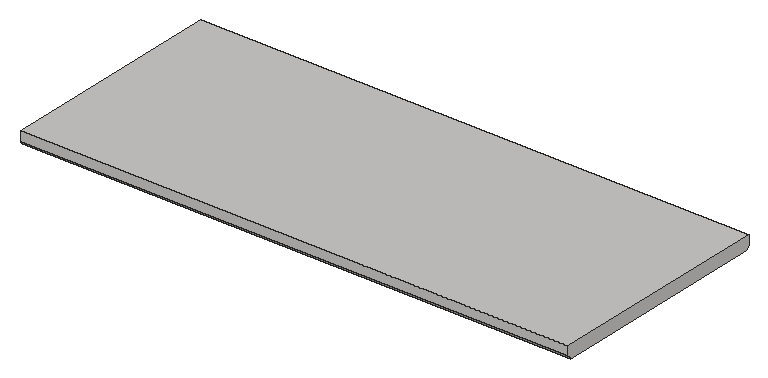
Revit family "QF_ELECTROLUXPROFESSIONAL_121121_TPLA17", category Attrezzature speciali, Revit 2020
Family settings
  Quota connettore circolare = Usa diametro
  Tipo di parte = Normale
  Basato su piano di lavoro = No
  Sempre verticale = Sì
  Taglio con vuoti quando caricato = No
  Condiviso = No
  Punto di calcolo locali = No
Parameters (values of type "Standard")
  Weight = 55.00 kg
  Watts = 0 W
  Volts = 0 V
  URL Manufacturer = "https://www.electroluxprofessional.com/"
  URL = "https://www.electroluxprofessional.com/"
  Steam Supply Size = 0 mm
  Steam Supply Minimum Pressure = 0.0 Pa
  Steam Supply Maximum Pressure = 0.0 Pa
  Steam Consumption per Hour = 0
  Refrigeration Suction Line Size = 0.0 mm
  Refrigeration Liquid Line Size = 0.0 mm
  Refrigerant Compressor Remote = yes
  Prospetto di default = 0.0 mm
  Phase = 0
  Modello = "TPLA17"
  Produttore = "Electrolux Professional"
  Length Actual = 1700.0 mm  # constant formula
  Item Number = "121121"
  Hot Water Size = 0 mm
  Height Actual = 40.0 mm  # constant formula
  HP = "0 HP"
  Gas Size = 0 mm
  Gas KW = 0
  Gas Input Pressure = 0 W
  Direct Waste Size = 0 mm
  Descrizione = "WORK TOP 1700MM"
  Depth Actual = 700.0 mm  # constant formula
  Cycle = 0 Hz
  Condensate Return Size = 0 mm
  Compressed Air Volume = 0.0 L/s
  Compressed Air Size = 0 mm
  Compressed Air Pressure = 0.0 Pa
  Cold Water Size = 0 mm
  Accessory = yes
Reference planes
  plane 1 "Center (Front/Back)": y = 0
  plane 2: z = 0
  plane 3 "Center (Left/Right)": x = -350
  plane 4 "LEFT": x = -1200
  plane 5 "RIGHT": x = 500
  plane 6 "BACK": y = 350
  plane 7 "FRONT": y = -350
  plane 8 "TOP": z = 860
  plane 9 "BaseTop": z = 900
Forms (mm)
  Extrusion 1, solid, material "QF_Finishes_Stainless Steel"
    sketch origin (-350, 0, 0) x (0, 1, 0) y (0, 0, 1)
      loop
        line (-350, 900) -> (-350, 870) -> (-340, 860) -> (340, 860) -> (350, 870) -> (350, 900) -> (-350, 900)
    from 850 to -850
Lines and regions (mm)
  symbolic lines
    curve 1: line (500, 350, 860) -> (-1200, 350, 860)
    curve 2: line (-1200, 350, 860) -> (-1200, -350, 860)
    curve 3: line (-1200, -350, 860) -> (500, -350, 860)
    curve 4: line (500, -350, 860) -> (500, 350, 860)
Dimensions and locks
  plane 4 "LEFT" to plane 5 "RIGHT" = 1700.0 mm
  equal spacing: plane 4 "LEFT", plane 3 "Center (Left/Right)", plane 5 "RIGHT"
  plane 6 "BACK" to plane 7 "FRONT" = 700.0 mm
  equal spacing: plane 6 "BACK", plane 1 "Center (Front/Back)", plane 7 "FRONT"
  locked: plane 9 "BaseTop" to plane 8 "TOP" at 40
  plane 8 "TOP" to level = 860.0 mm
  aligned and locked: level to plane 2
  aligned and locked: Extrusion 1 to plane 4 "LEFT"
  aligned and locked: plane 5 "RIGHT" to Extrusion 1
  aligned and locked: curve 2 to plane 4 "LEFT"
  aligned and locked: plane 9 "BaseTop" to Extrusion 1 sketch curve
Automatic sketch dimensions
  curve 3 to plane 7 "FRONT" = 0.0 mm
  curve 4 to plane 6 "BACK" = 0.0 mm
  curve 4 to plane 5 "RIGHT" = 0.0 mm
  Extrusion 1 sketch curve to plane 7 "FRONT" = 0.0 mm
  level to Extrusion 1 sketch curve = 860.0 mm
  Extrusion 1 sketch curve to plane 6 "BACK" = 0.0 mm
  plane 7 "FRONT" to Extrusion 1 sketch curve = 10.0 mm
  level to Extrusion 1 sketch curve = 870.0 mm  (x2)
  Extrusion 1 sketch curve to plane 6 "BACK" = 10.0 mm
